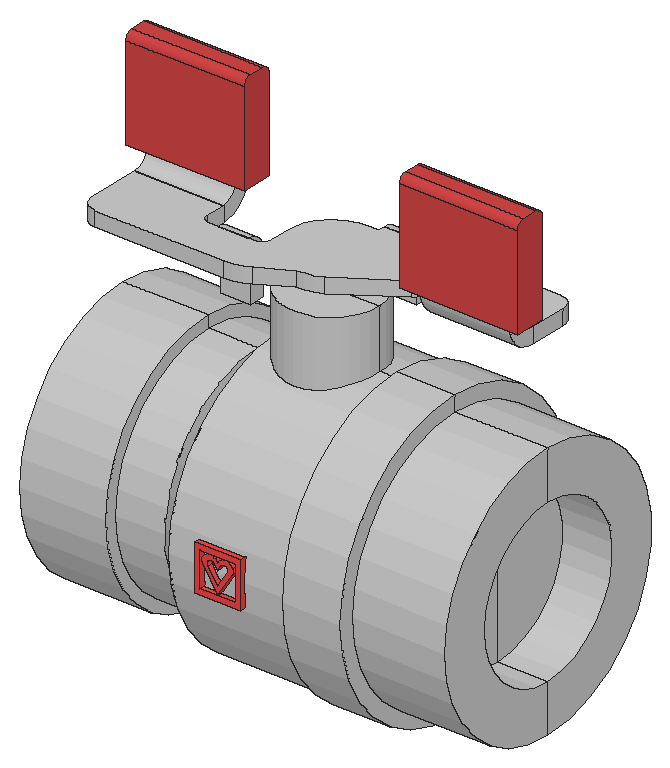
Revit family "HERZ Ball valve with T-handle (sheet steel) 2201", category Rohrzubehör, Revit 2021
Family settings
  Bemaßung runder Anschluss = Durchmesser verwenden
  Teiletyp = Unterbricht
  OmniClass-Nummer = 23.65.55.14
  OmniClass-Titel = Valves for Liquid Services
  Arbeitsebenenbasiert = Nein
  Immer vertikal = Ja
  Beim Laden mit Abzugskörper schneiden = Nein
  Gemeinsam genutzt = Nein
Parameters
  Weight [instance] = if(Nennweite = 15 mm, 0.17, if(Nennweite = 20 mm, 0.246, if(Nennweite = 25 mm, 0.458, if(Nennweite = 32 mm, 0.712, 0))))  # 0.712
  Vorgabe-Ansicht = 0 mm
  Spindle seals = "PTFE"  # constant formula
  Spindle = "machined brass according to EN 12164, CW614N"  # constant formula
  Part number [instance] = size_lookup("2201_3X_", "Artnr", 0, Nennweite)  # 1220134
  Min. operating temperature (water) = 0.5 °C  # constant formula
  Min. operating temperature = -30 °C  # constant formula
  Medium = "Heating water quality according to ÖNORM H5195 or VDI-Standard 2035.\r\nThe use of ethylene or propylene glycol in a mixing ratio 25- 50% is allowed."
  Max. operating temperature (water - no steam) = 110 °C  # constant formula
  Max. operating pressure (screw connection) = 1600000.0 Pa  # constant formula
  W01 = 135.00°  # constant formula
  URL = "www.herzvalves.com"
  SCRNSEQ = "ARM;ARM_TYP=\"ABVS\";2"
  SCRNCODE = "05;10;02"  # constant formula
  S02 [instance] = 2 * D01  # 51 mm
  S01 [instance] = L01 + L02 + L06  # 84.5 mm
  R01 [instance] = size_lookup("2201_3X_", "R1", 1 mm, Nennweite)  # 9.5 mm
  Nennweite [instance] = 32 mm
  Max. operating temperature = 150 °C  # constant formula
  Max. operating pressure = 2500000.0 Pa  # constant formula
  L06 [instance] = size_lookup("2201_3X_", "L6", 1 mm, Nennweite)  # 18.5 mm
  L05 [instance] = size_lookup("2201_3X_", "L5", 1 mm, Nennweite)  # 34.8 mm
  L04 [instance] = size_lookup("2201_3X_", "L4", 1 mm, Nennweite)  # 11.5 mm
  L03 [instance] = size_lookup("2201_3X_", "L3", 1 mm, Nennweite)  # 17 mm
  L02 [instance] = size_lookup("2201_3X_", "L2", 1 mm, Nennweite)  # 24.5 mm
  L01 [instance] = size_lookup("2201_3X_", "L1", 1 mm, Nennweite)  # 41.5 mm
  Internal threaded connectors = "according to ISO 228-1"  # constant formula
  IG [instance] = Nennweite / 2  # 16 mm
  Hersteller = "HERZ Armaturen Ges.m.b.H"  # constant formula
  Handle = "T-handle, red, sheet steel - plated"  # constant formula
  H01 [instance] = size_lookup("2201_3X_", "H1", 1 mm, Nennweite)  # 39 mm
  GT1 [instance] = size_lookup("2201_3X_", "GT1", 1 mm, Nennweite)  # 10 mm
  GT [instance] = size_lookup("2201_3X_", "GT", 1 mm, Nennweite)  # 16 mm
  Field of application = "HERZ ball valves have to be used as shut off elements.\r\nField of application are building services, such as heating or chilled water plants.\r\nBall valves are used wherever the medium flow has to be reliably closed.\r\nBall valve should not be used as regulating element so it has to be fully opened or fully closed (the handle should not be in intermediate position)."
  DN25-DN32 [instance] = if(Nennweite = 25 mm, 38 mm, 43 mm)  # 43 mm
  DN25+DN32 [instance] = or(Nennweite = 25 mm, Nennweite = 32 mm)  # yes
  DN15-DN20 [instance] = if(Nennweite = 15 mm, 28 mm, 31 mm)  # 31 mm
  DN15+DN20 [instance] = or(Nennweite = 15 mm, Nennweite = 20 mm)  # no
  D05 [instance] = size_lookup("2201_3X_", "D5", 1 mm, Nennweite)  # 25.55 mm
  D04 [instance] = size_lookup("2201_3X_", "D4", 1 mm, Nennweite)  # 27.5 mm
  D03 [instance] = size_lookup("2201_3X_", "D3", 1 mm, Nennweite)  # 28.5 mm
  D02 [instance] = size_lookup("2201_3X_", "D2", 1 mm, Nennweite)  # 23.2 mm
  D01 [instance] = size_lookup("2201_3X_", "D1", 1 mm, Nennweite)  # 25.5 mm
  Body = "forged brass according to EN 12165, nickel plated, CW617N"  # constant formula
  Ball seals = "PTFE"  # constant formula
  Ball = "forged brass according to EN 12165, hollow, full bore, hard chrome plated, CW617N"  # constant formula
  Application = "HERZ ball valve MODUL is designed for building services such as heating and chilled water plants.\r\nThe operating conditions (temperature, pressure) should be constant."
Reference planes
  plane 1 "Mitte (Vorne/hinten)": y = 0
  plane 2: z = 0
  plane 3 "Mitte (Links/rechts)": x = 0
Forms (mm)
  Revolve 1, solid, material "Messing, vernickelt", detail levels fine
    sketch origin (0, 0, 0) x (1, 0, 0) y (0, 0, 1)
      loop
        line (24.5, 25.55) -> (24.5, 28.5) -> (13, 28.5) -> (13, 27.5) -> (-10.3, 27.5) -> (-14.6, 23.2) -> (-24.5, 23.2) -> (-24.5, 25.5) -> (-41.5, 25.5) -> (-41.5, 16) -> (-25.5, 16) -> (-25.5, 0) -> (33, 0) -> (33, 16) -> (43, 16) -> (43, 25.55) -> (24.5, 25.55)
      axis (-41.5, 0) -> (43, 0)
    angle from 0 to 360
  Revolve 2, solid, material "Messing, vernickelt", detail levels fine
    sketch origin (0, 0, 0) x (1, 0, 0) y (0, 0, 1)
      loop
        line (0, 0) -> (5.522, 0) -> (5.522, 8.202) -> (9.5, 8.202) -> (9.5, 39) -> (0, 39) -> (0, 0)
      axis (0, 39) -> (0, 0)
    angle from 0 to 360
Lines and regions (mm)
  model lines, detail levels coarse+medium
    curve 1: line (-42.25, 25.5, 0) -> (-42.25, -25.5, 0)
    curve 2: line (-42.25, -25.5, 0) -> (42.25, 25.5, 0)
    curve 3: line (42.25, 25.5, 0) -> (42.25, -25.5, 0)
    curve 4: line (42.25, -25.5, 0) -> (-42.25, 25.5, 0)
    curve 5: circle (0, 0, 0) r 25.5 normal (0, 0, 1)
    curve 6: line (-25.25, 0, 25.5) -> (-25.25, 0, -25.5)
    curve 7: line (-25.25, 0, -25.5) -> (59.25, 0, 25.5)
    curve 8: line (59.25, 0, 25.5) -> (59.25, 0, -25.5)
    curve 9: line (59.25, 0, -25.5) -> (-25.25, 0, 25.5)
    curve 10: circle (0, 0, 0) r 25.5 normal (0, -1, 0)
Dimensions and locks
  "L01": Revolve 1 sketch curve to plane 3 "Mitte (Links/rechts)"
  "L02": Revolve 1 sketch curve to plane 3 "Mitte (Links/rechts)"
  "D01": Revolve 1 sketch curve to plane 2
  "D02": Revolve 1 sketch curve to plane 2
  "L03": Revolve 1 sketch curve to Revolve 1 sketch curve
  "GT": Revolve 1 sketch curve to Revolve 1 sketch curve
  "IG": Revolve 1 sketch curve to plane 2
  "R01": Revolve 2 sketch curve to plane 3 "Mitte (Links/rechts)"
  "H01": Revolve 2 sketch curve to plane 2
  "D03": Revolve 1 sketch curve to plane 2
  "D04": Revolve 1 sketch curve to plane 2
  "L04": Revolve 1 sketch curve to Revolve 1 sketch curve
  "L05": Revolve 1 sketch curve to Revolve 1 sketch curve
  "IG": Revolve 1 sketch curve to Revolve 1 sketch curve
  "GT1": Revolve 1 sketch curve to Revolve 1 sketch curve
  "L06": Revolve 1 sketch curve to Revolve 1 sketch curve
  "D05": Revolve 1 sketch curve to Revolve 1 sketch curve
  "D04": nested 1 to plane 1 "Mitte (Vorne/hinten)"
  equal spacing: curve 2, plane 1 "Mitte (Vorne/hinten)", curve 4
  equal spacing: curve 4, plane 1 "Mitte (Vorne/hinten)", curve 3
  "S02": curve 4 to curve 2
  "S02": curve 3 to curve 4
  equal spacing: curve 1, plane 3 "Mitte (Links/rechts)", curve 3
  "S01": curve 1 to curve 3
  "S02": curve 9 to curve 7
  equal spacing: curve 9, plane 2, curve 7
  equal spacing: curve 8, plane 2, curve 9
  "S02": curve 8 to curve 9
  curve 6 to curve 8 = 84.5 mm
  "S01": curve 6 to curve 8
  "DN15-DN20": nested 2 to plane 2
  "DN25-DN32": nested 3 to plane 2
  "S02": diameter of curve 5
  "S02": diameter of curve 10
  "W01": angle Revolve 1 sketch curve to Revolve 1 sketch curve
  aligned and locked: level to plane 2
Automatic sketch dimensions
  curve 10 to level = 0 mm
  curve 10 to plane 3 "Mitte (Links/rechts)" = 0 mm
  curve 6 to plane 3 "Mitte (Links/rechts)" = 25.25 mm
  plane 1 "Mitte (Vorne/hinten)" to curve 5 = 0 mm
  curve 5 to plane 3 "Mitte (Links/rechts)" = 0 mm
  Revolve 1 sketch curve to level = 0 mm  (x2)
  Revolve 1 sketch curve to Revolve 1 sketch curve = 1481.63 mm
  Revolve 1 sketch curve to Revolve 1 sketch curve = 1814.648 mm
  Revolve 2 sketch curve to level = 0 mm
  Revolve 2 sketch curve to plane 3 "Mitte (Links/rechts)" = 0 mm  (x2)
  plane 3 "Mitte (Links/rechts)" to Revolve 2 sketch curve = 5.522 mm
  level to Revolve 2 sketch curve = 8.202 mm
  Revolve 2 sketch curve to Revolve 2 sketch curve = 366.045 mm
  Revolve 2 sketch curve to Revolve 2 sketch curve = 2190.315 mm
Nested families
  nested 1: "Herz-Logo-vorne" at (0, -27.5, 0) x (0, 1, 0) z (0, 0, 1), type "Herz-Logo-vorne", detail levels fine
  nested 2: "Knebelgriff (Blech) DN15-DN20" at (0, 0, 31), visible <- "DN15+DN20", type "Knebelgriff (Blech) DN15-DN20"
  nested 3: "Knebelgriff (Blech) DN25-DN32" at (0, 0, 43), visible <- "DN25+DN32", type "Knebelgriff (Blech) DN25-DN32"
Connectors
  piping at (6.5, 0, 0), diameter 32, driven by "Nennweite"
    settings: on Revolve 1, index 1, connector inside diameter 609.6 mm, connector length 0 mm, flow factor 0, pipe flow 0.0 L/s, pressure drop 0.0 Pa, fitting loss kfactor 0, connector angle 0.00°, fixture units 0, engagement length 0 mm, angle of deflection 0.00°, flow configuration 0, flow direction 0, fitting loss method 0, system type 7, joint type 0, gender type 0, connector reference index -1, connector utility 0, adjustable connector no, is connector primary yes, connector description ""
  piping at (-25.5, 0, 0), diameter 32, driven by "Nennweite"
    settings: on Revolve 1, index 2, connector inside diameter 609.6 mm, connector length 0 mm, flow factor 0, pipe flow 0.0 L/s, pressure drop 0.0 Pa, fitting loss kfactor 0, connector angle 0.00°, fixture units 0, engagement length 0 mm, angle of deflection 0.00°, flow configuration 0, flow direction 0, fitting loss method 0, system type 7, joint type 0, gender type 0, connector reference index -1, connector utility 0, adjustable connector no, is connector primary no, connector description ""
Definition of nested family "Herz-Logo-vorne"
  Parameters (values of type "Herz-Logo-vorne")
    Default Elevation = 0 mm
  Reference planes
    plane 1 "Mitte (Vorne/hinten)": y = 0
    plane 2: z = 0
    plane 3 "Mitte (Links/rechts)": x = 0
  Forms (mm)
    Extrusion 1, solid
      sketch origin (0.732, -0.018, 0.017) x (0, -1, 0) y (0, 0, 1)
        loop
          line (-0.018, -4.517) -> (4.482, -4.517) -> (4.482, 4.483) -> (-4.518, 4.483) -> (-4.518, -4.517) -> (-0.018, -4.517)
        loop
          line (-0.05, -3.48) -> (3.482, -3.48) -> (3.482, 3.483) -> (-3.518, 3.483) -> (-3.518, -3.48) -> (-0.05, -3.48)
        loop
          arc (-0.018, 2.383) -> (-1.543, 3.287) -> (-3.067, 2.383) r 1.738
          arc (-3.067, 2.383) -> (-3.191, 1.899) -> (-3.067, 1.415) r 1.009
          line (-3.067, 1.415) -> (-0.018, -3.281) -> (3.032, 1.415)
          arc (3.032, 1.415) -> (3.156, 1.899) -> (3.032, 2.383) r 1.009
          arc (3.032, 2.383) -> (1.507, 3.287) -> (-0.018, 2.383) r 1.738
        loop
          arc (1.885, 1.272) -> (2.005, 1.675) -> (1.885, 2.079) r 0.74
          arc (1.885, 2.079) -> (1.265, 2.416) -> (0.644, 2.079) r 0.74
          line (0.644, 2.079) -> (-0.018, 0.97) -> (-0.679, 2.079)
          arc (-0.679, 2.079) -> (-1.3, 2.416) -> (-1.921, 2.079) r 0.74
          arc (-1.921, 2.079) -> (-2.04, 1.675) -> (-1.921, 1.272) r 0.74
          line (-1.921, 1.272) -> (-0.018, -1.658) -> (1.885, 1.272)
      from 0 to 1.5
  Dimensions and locks
    aligned and locked: level to plane 2
Definition of nested family "Knebelgriff (Blech) DN15-DN20"
  Parameters (values of type "Knebelgriff (Blech) DN15-DN20")
    Default Elevation = 0 mm
  Reference planes
    plane 1 "Mitte (Vorne/hinten)": y = 0
    plane 2: z = 0
    plane 3 "Mitte (Links/rechts)": x = 0
  Forms (mm)
    Extrusion 1, solid, detail levels fine
      sketch origin (0, 0, 0) x (1, 0, 0) y (0, 1, 0)
        loop
          line (-7, 0) -> (-7, -3.8)
          arc (-7, -3.8) -> (-7.439, -4.861) -> (-8.5, -5.3) r 1.5
          line (-8.5, -5.3) -> (-14.5, -5.3)
          arc (-14.5, -5.3) -> (-15.561, -4.861) -> (-16, -3.8) r 1.5
          line (-16, -3.8) -> (-16, 0) -> (-28, 0) -> (-28, -8.1)
          arc (-28, -8.1) -> (-27.121, -10.221) -> (-25, -11.1) r 3
          line (-25, -11.1) -> (-3.453, -11.1)
          arc (-3.453, -11.1) -> (-2.496, -10.91) -> (-1.685, -10.368) r 2.5
          line (-1.685, -10.368) -> (4.443, -4.24)
          arc (4.443, -4.24) -> (5.743, -2.295) -> (6.2, 0) r 6
          arc (6.2, 0) -> (6.64, 1.06) -> (7.7, 1.499) r 1.5
          line (7.7, 1.499) -> (15.1, 1.499)
          arc (15.1, 1.499) -> (16.16, 1.06) -> (16.6, 0) r 1.5
          line (16.6, 0) -> (28.6, 0) -> (28.6, 4)
          arc (28.6, 4) -> (27.721, 6.121) -> (25.6, 7) r 3
          line (25.6, 7) -> (0, 7)
          arc (0, 7) -> (-4.95, 4.95) -> (-7, 0) r 7
      from 0 to 2.5
    Extrusion 2, solid, detail levels fine
      sketch origin (0, 0, 0) x (0, 1, 0) y (0, 0, 1)
        loop
          arc (2.5, 5) -> (1.768, 3.232) -> (0, 2.5) r 2.5
          line (0, 2.5) -> (0, 0)
          arc (0, 0) -> (3.536, 1.464) -> (5, 5) r 5
          line (5, 5) -> (5, 6) -> (2.5, 6) -> (2.5, 5)
      from -28 to -16
    Extrusion 3, solid, detail levels fine
      sketch origin (0, 5.3, 0) x (0, 1, 0) y (0, 0, 1)
        loop
          line (-7.8, 5) -> (-7.8, 6) -> (-10.3, 6) -> (-10.3, 5)
          arc (-10.3, 5) -> (-8.836, 1.464) -> (-5.3, 0) r 5
          line (-5.3, 0) -> (-5.3, 2.5)
          arc (-5.3, 2.5) -> (-7.068, 3.232) -> (-7.8, 5) r 2.5
      from 16.6 to 28.6
    Extrusion 4, solid, detail levels fine
      sketch origin (0, 0, 0) x (0, 1, 0) y (0, 0, 1)
        loop
          line (5.75, 6) -> (5.75, 17.041)
          arc (5.75, 17.041) -> (5.469, 17.719) -> (4.791, 18) r 0.959
          line (4.791, 18) -> (2.773, 18)
          arc (2.773, 18) -> (2.05, 17.7) -> (1.75, 16.977) r 1.023
          line (1.75, 16.977) -> (1.75, 6) -> (5.75, 6)
      from -29.7 to -14.3
    Extrusion 5, solid, detail levels fine
      sketch origin (0, 0, 0) x (0, 1, 0) y (0, 0, 1)
        loop
          line (-5.75, 6) -> (-1.75, 6) -> (-1.75, 17)
          arc (-1.75, 17) -> (-2.043, 17.707) -> (-2.75, 18) r 1
          line (-2.75, 18) -> (-4.75, 18)
          arc (-4.75, 18) -> (-5.457, 17.707) -> (-5.75, 17) r 1
          line (-5.75, 17) -> (-5.75, 6)
      from 30.3 to 14.9
    Extrusion 6, solid, detail levels fine
      sketch origin (0, 0, 0) x (0, 1, 0) y (0, 0, 1)
        loop
          line (9, -2) -> (9, -8) -> (11.5, -8) -> (11.5, -2)
          arc (11.5, -2) -> (10.182, 1.182) -> (7, 2.5) r 4.5
          line (7, 2.5) -> (7, 0)
          arc (7, 0) -> (8.414, -0.586) -> (9, -2) r 2
      from 8.1 to 2.1
    Extrusion 7, solid, detail levels fine
      sketch origin (0, 0, 0) x (0, 1, 0) y (0, 0, 1)
        loop
          line (-4.3, -1) -> (-4.3, -8) -> (-1.8, -8) -> (-1.8, -1)
          arc (-1.8, -1) -> (-2.825, 1.475) -> (-5.3, 2.5) r 3.5
          line (-5.3, 2.5) -> (-5.3, 0)
          arc (-5.3, 0) -> (-4.593, -0.293) -> (-4.3, -1) r 1
      from -14.5 to -8.5
  Dimensions and locks
    aligned and locked: level to plane 2
Definition of nested family "Knebelgriff (Blech) DN25-DN32"
  Parameters (values of type "Knebelgriff (Blech) DN25-DN32")
    Default Elevation = 0 mm
  Reference planes
    plane 1 "Mitte (Vorne/hinten)": y = 0
    plane 2: z = 0
    plane 3 "Mitte (Links/rechts)": x = 0
  Forms (mm)
    Extrusion 1, solid, detail levels fine
      sketch origin (0, 0, 0) x (1, 0, 0) y (0, 1, 0)
        loop
          arc (0, 9) -> (-6.364, 6.364) -> (-9, 0) r 9
          line (-9, 0) -> (-9, -4.1)
          arc (-9, -4.1) -> (-9.439, -5.161) -> (-10.5, -5.6) r 1.5
          line (-10.5, -5.6) -> (-20, -5.6)
          arc (-20, -5.6) -> (-21.061, -5.161) -> (-21.5, -4.1) r 1.5
          line (-21.5, -4.1) -> (-21.5, 0) -> (-39.1, 0) -> (-39.1, -10.6)
          arc (-39.1, -10.6) -> (-38.221, -12.721) -> (-36.1, -13.6) r 3
          line (-36.1, -13.6) -> (-10.5, -13.6)
          arc (-10.5, -13.6) -> (-8.037, -13.275) -> (-5.742, -12.323) r 9.5
          line (-5.742, -12.323) -> (0, -9)
          arc (0, -9) -> (2.463, -8.675) -> (4.758, -7.723) r 9.5
          line (4.758, -7.723) -> (16.029, -0.25)
          arc (16.029, -0.25) -> (16.522, 0.291) -> (16.7, 1) r 1.5
          arc (16.7, 1) -> (17.139, 2.061) -> (18.2, 2.5) r 1.5
          line (18.2, 2.5) -> (20.9, 2.5)
          arc (20.9, 2.5) -> (21.961, 2.061) -> (22.4, 1) r 1.5
          line (22.4, 1) -> (22.4, 0) -> (40, 0) -> (40, 7.5)
          arc (40, 7.5) -> (39.121, 9.621) -> (37, 10.5) r 3
          line (37, 10.5) -> (2.1, 10.5) -> (2.1, 9) -> (0, 9)
      from 0 to 3
    Extrusion 2, solid, detail levels fine
      sketch origin (0, 0, 0) x (0, 1, 0) y (0, 0, 1)
        loop
          arc (3, 6) -> (2.121, 3.879) -> (0, 3) r 3
          line (0, 3) -> (0, 0)
          arc (0, 0) -> (4.243, 1.757) -> (6, 6) r 6
          line (6, 6) -> (3, 6)
      from -39.1 to -21.5
    Extrusion 3, solid, detail levels fine
      sketch origin (0, 0, 0) x (0, 1, 0) y (0, 0, 1)
        loop
          arc (0, 3) -> (-2.121, 3.879) -> (-3, 6) r 3
          line (-3, 6) -> (-6, 6)
          arc (-6, 6) -> (-4.243, 1.757) -> (0, 0) r 6
          line (0, 0) -> (0, 3)
      from 22.4 to 40
    Extrusion 4, solid, detail levels fine
      sketch origin (0, 0, 0) x (0, 1, 0) y (0, 0, 1)
        loop
          line (7.5, 6) -> (7.5, 24.5)
          arc (7.5, 24.5) -> (7.061, 25.561) -> (6, 26) r 1.5
          line (6, 26) -> (3, 26)
          arc (3, 26) -> (1.939, 25.561) -> (1.5, 24.5) r 1.5
          line (1.5, 24.5) -> (1.5, 6) -> (7.5, 6)
      from -42.05 to -18.55
    Extrusion 5, solid, detail levels fine
      sketch origin (0, 0, 0) x (0, 1, 0) y (0, 0, 1)
        loop
          line (-7.5, 6) -> (-1.5, 6) -> (-1.5, 24.5)
          arc (-1.5, 24.5) -> (-1.939, 25.561) -> (-3, 26) r 1.5
          line (-3, 26) -> (-6, 26)
          arc (-6, 26) -> (-7.061, 25.561) -> (-7.5, 24.5) r 1.5
          line (-7.5, 24.5) -> (-7.5, 6)
      from 19.45 to 42.95
    Extrusion 6, solid, detail levels fine
      sketch origin (0, 0, 0) x (0, 1, 0) y (0, 0, 1)
        loop
          arc (14, -0.5) -> (12.975, 1.975) -> (10.5, 3) r 3.5
          line (10.5, 3) -> (10.5, 0)
          arc (10.5, 0) -> (10.854, -0.146) -> (11, -0.5) r 0.5
          line (11, -0.5) -> (11, -9) -> (14, -9) -> (14, -0.5)
      from 2.1 to 8.1
    Extrusion 7, solid, detail levels fine
      sketch origin (0, -16.1, 0) x (0, 1, 0) y (0, 0, 1)
        loop
          arc (14, -0.5) -> (12.975, 1.975) -> (10.5, 3) r 3.5
          line (10.5, 3) -> (10.5, 0)
          arc (10.5, 0) -> (10.854, -0.146) -> (11, -0.5) r 0.5
          line (11, -0.5) -> (11, -9) -> (14, -9) -> (14, -0.5)
      from -12 to -18
  Dimensions and locks
    aligned and locked: level to plane 2
